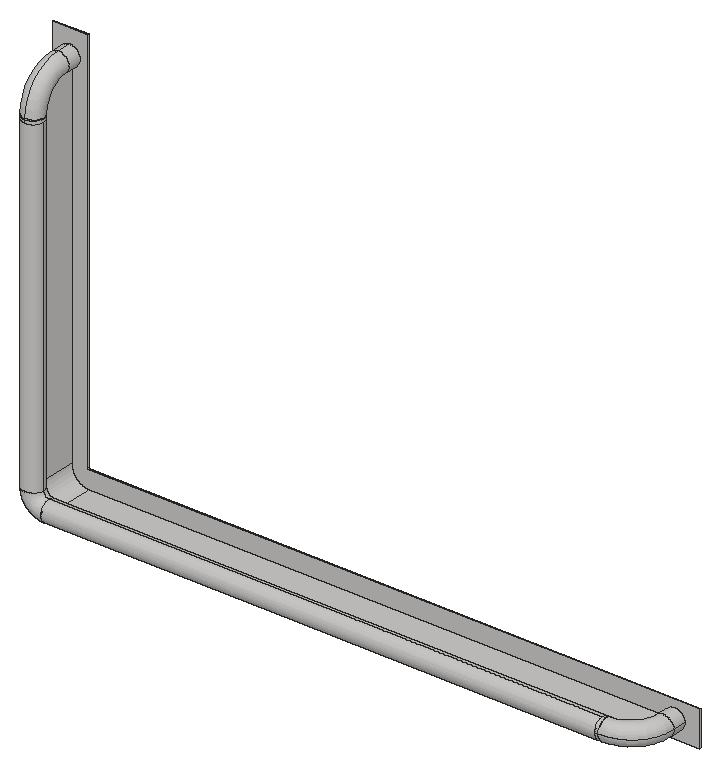
Revit family "Grab Rail_Metlam_90 Deg_Anti Ligature_Right", category Specialty Equipment, Revit 2016
Family settings
  Part Type = Normal
  Round Connector Dimension = Use Diameter
  OmniClass Number = 23.40.20.21.47
  OmniClass Title = Bath Grab Bars
  Work Plane-Based = No
  Always vertical = Yes
  Cut with Voids When Loaded = No
  Shared = No
  Room Calculation Point = Yes
Parameters (values of type "982w x 90d x 632d (MLR104_AL)")
  Width = 982 mm  # constant formula
  URL = "http://www.metlam.com.au/"
  Type Comments = "Grab Rails"  # constant formula
  Model = "MLR104_AL"
  Material_ANZRS = z_Metlam_Metal_Stainless Steel_Satin
  Manufacturer_Width = 950 mm  # constant formula
  Manufacturer_URL__Product Specific = "https://metlam.com.au/product/content/anti-ligature-products/MLR104_AL_"
  Manufacturer_Spec Code = Model  # "MLR104_AL"
  Manufacturer_Height From FFL [instance] = 800 mm
  Manufacturer_Height = 600 mm  # constant formula
  Manufacturer_Depth = Depth  # 90 mm
  Manufacturer = "Metlam"  # constant formula
  Keynote = ""
  Height = 632 mm  # constant formula
  Description = "90° Anti-Ligature Right Hand Grab Rail"  # constant formula
  Depth = 90 mm  # constant formula
  CreatedBy_ANZRS = "IGS BIM Solutions"  # constant formula
  CreatedByURL_ANZRS = "http://www.igsgroup.com.au/"
  Assembly Code = ""
Reference planes
  plane 1 "Back": y = 0
  plane 2 "Ref. Level": z = 0
  plane 3 "Horizontal Rail_Centre (Elevation)": z = 784
  plane 4 "Front": y = -90
  plane 5 "Vertical Rail_Centre (Elevation)": z = 1384
  plane 6 "Mounting Height": z = 800
  plane 7 "Right": x = -375
  plane 8 "Horizontal Rail_Bottom": z = 768
  plane 9 "Bottom": z = 756.5
  plane 10 "Vertical Rail_Top": z = 1400
  plane 11 "Top": z = 1423
  plane 12 "Horizontal Rail_ Centre (Left/Right)": x = -414
  plane 13 "Vertical Rail_Centre (Left/Right)": x = -1364
  plane 14 "Horizontal Rail_Right": x = -398
  plane 15 "Vertical Rail_Left": x = -1380
  plane 16 "Left": x = -1391.5
  plane 17 "Vertical Rail_Right": x = -1348
Forms (mm)
  Sweep 1, solid, material "z_Metlam_Metal_Stainless Steel_Satin" <- "Material_ANZRS"
    path origin (0, 0, 0) x (1, 0, 0) y (0, 0, 1)
      loop
        line (-469, 784) -> (-1339, 784)
        arc (-1339, 784) -> (-1356.678, 791.322) -> (-1364, 809) r 25
        line (-1364, 809) -> (-1364, 1327.713)
    profile origin (-904, 0, 784) x (0, 0, -1) y (0, -1, 0)
      loop
        circle (0, 74) r 16
  Sweep 2, solid, material "z_Metlam_Metal_Stainless Steel_Satin" <- "Material_ANZRS"
    path origin (0, 0, 784) x (-1, 0, 0) y (0, -1, 0)
      loop
        line (414, 0) -> (414, 24)
        arc (414, 24) -> (428.645, 59.355) -> (464, 74) r 50
        line (464, 74) -> (469, 74)
    profile origin (-466.5, -74, 784) x (0, -1, 0) y (0, 0, 1)
      loop
        circle (0, 0) r 16
  Sweep 3, solid, material "z_Metlam_Metal_Stainless Steel_Satin" <- "Material_ANZRS"
    path origin (-1364, 0, 0) x (0, 1, 0) y (0, 0, 1)
      loop
        line (0, 1384) -> (-24, 1384)
        arc (-24, 1384) -> (-59.355, 1369.355) -> (-74, 1334) r 50
        line (-74, 1334) -> (-74, 1332.713) -> (-74, 1327.713)
    profile origin (-1364, -12, 1384) x (0, 0, 1) y (-1, 0, 0)
      loop
        circle (0, 0) r 16
  Sweep 4, solid, material "z_Metlam_Metal_Stainless Steel_Satin" <- "Material_ANZRS"
    path origin (0, 0, 0) x (1, 0, 0) y (0, 0, 1)
      loop
        line (-375, 784) -> (-1334, 784)
        arc (-1334, 784) -> (-1355.213, 792.787) -> (-1364, 814) r 30
        line (-1364, 814) -> (-1364, 1423)
    profile origin (-854.5, 0, 784) x (0, 0, -1) y (0, -1, 0)
      loop
        line (-27.5, 0) -> (27.5, 0) -> (27.5, 2) -> (-27.5, 2) -> (-27.5, 0)
  Sweep 5, solid, material "z_Metlam_Metal_Stainless Steel_Satin" <- "Material_ANZRS"
    path origin (0, 0, 0) x (1, 0, 0) y (0, 0, 1)
      loop
        line (-414, 781.5) -> (-1334, 781.5)
        arc (-1334, 781.5) -> (-1355.213, 790.287) -> (-1364, 811.5) r 30
        line (-1364, 811.5) -> (-1364, 1384)
    profile origin (-874, 0, 781.5) x (0, 0, -1) y (0, -1, 0)
      loop
        line (-0.5, 2) -> (-0.5, 58.197) -> (-2.5, 58.197) -> (-2.5, 2) -> (-0.5, 2)
Cuts and joins
  joined: Sweep 1, Sweep 2, Sweep 3, Sweep 4
Lines and regions (mm)
  Masking region 1
    outline origin (-750, 0, 784) x (1, 0, 0) y (0, 1, 0)
      loop
        line (-630, -2) -> (-630, -74)
        arc (-630, -74) -> (-625.314, -85.314) -> (-614, -90) r 16
        line (-614, -90) -> (286, -90)
        arc (286, -90) -> (332.669, -70.669) -> (352, -24) r 66
        line (352, -24) -> (352, -2) -> (375, -2) -> (375, 0) -> (-641.5, 0) -> (-641.5, -2) -> (-630, -2)
  symbolic lines, style "Grab Rails"
    curve 1: arc (-414, -90, 768) -> (-398, -90, 784) -> (-414, -90, 800) r 16
    curve 2: arc (-1348, -90, 1384) -> (-1364, -90, 1400) -> (-1380, -90, 1384) r 16
  symbolic lines, style "Grab Rails", detail levels medium+fine
    curve 3: line (-1380.001, -2, 784) -> (-398, -2, 784)
    curve 4: line (-1348, -74, 784) -> (-1348, -2, 784)
    curve 5: arc (-1348, -74, 784) -> (-1352.686, -85.314, 784) -> (-1364, -90, 784) r 16
    curve 6: line (-1348, -58, 784) -> (-464, -58, 784)
    curve 7: arc (-464, -58, 784) -> (-439.958, -48.042, 784) -> (-430, -24, 784) r 34
    curve 8: line (-430, -24, 784) -> (-430, -2, 784)
  symbolic lines, style "Grab Rails", detail levels fine
    curve 9: line (-1336.5, -2, 784) -> (-1336.5, 0, 784)
Text (mm)
  text "> Contact Manufacturer to confirm feasibility of design variations outside the scope of this Revit Family\n\n\n\nDisclaimer:\n\nDue to ongoing product development and manufacturing evolution, product details are subject to change without notice. Please refer to product technical data sheets on the manufacturer’s website for the most current product information. Please allow a +/- 5mm manufacturing tolerance for dimensions and set-outs shown in product literature." at (-205.726, 276.941, 0), in view "Ref. Level_Instruction"
Dimensions and locks
  "Manufacturer_Height From FFL": plane 6 "Mounting Height" to plane 2 "Ref. Level"
  "Depth": plane 4 "Front" to plane 1 "Back"
  "Manufacturer_Height": plane 5 "Vertical Rail_Centre (Elevation)" to plane 3 "Horizontal Rail_Centre (Elevation)"
  "Height": plane 10 "Vertical Rail_Top" to plane 8 "Horizontal Rail_Bottom"
  locked: plane 8 "Horizontal Rail_Bottom" to plane 9 "Bottom" at 11.5
  locked: plane 3 "Horizontal Rail_Centre (Elevation)" to plane 8 "Horizontal Rail_Bottom" at 16
  locked: plane 6 "Mounting Height" to plane 3 "Horizontal Rail_Centre (Elevation)" at 16
  locked: plane 11 "Top" to plane 10 "Vertical Rail_Top" at 23
  locked: plane 15 "Vertical Rail_Left" to plane 16 "Left" at 11.5
  locked: plane 17 "Vertical Rail_Right" to plane 13 "Vertical Rail_Centre (Left/Right)" at 16
  locked: plane 14 "Horizontal Rail_Right" to plane 12 "Horizontal Rail_ Centre (Left/Right)" at 16
  "Manufacturer_Width": plane 13 "Vertical Rail_Centre (Left/Right)" to plane 12 "Horizontal Rail_ Centre (Left/Right)"
  "Width": plane 15 "Vertical Rail_Left" to plane 14 "Horizontal Rail_Right"
  locked: plane 14 "Horizontal Rail_Right" to plane 7 "Right" at 23
  plane 15 "Vertical Rail_Left" to plane 13 "Vertical Rail_Centre (Left/Right)" = 16 mm
  aligned and locked: level to plane 2 "Ref. Level"
Automatic sketch dimensions
  curve 3 to plane 14 "Horizontal Rail_Right" = 0 mm
  curve 9 to plane 1 "Back" = 0 mm
  curve 4 to plane 17 "Vertical Rail_Right" = 0 mm
  curve 5 to plane 13 "Vertical Rail_Centre (Left/Right)" = 0 mm
  plane 12 "Horizontal Rail_ Centre (Left/Right)" to curve 8 = 16 mm
  curve 8 to curve 7 = 34 mm
  plane 1 "Back" to curve 7 = 24 mm
  plane 4 "Front" to curve 5 = 16 mm
  plane 1 "Back" to curve 9 = 2 mm
  curve 9 to curve 4 = 11.5 mm
  plane 15 "Vertical Rail_Left" to curve 3 = 0.001 mm
  curve 1 to plane 8 "Horizontal Rail_Bottom" = 0 mm
  plane 12 "Horizontal Rail_ Centre (Left/Right)" to curve 1 = 0 mm
  curve 2 to plane 5 "Vertical Rail_Centre (Elevation)" = 0 mm
  plane 17 "Vertical Rail_Right" to curve 2 = 0 mm
  plane 13 "Vertical Rail_Centre (Left/Right)" to curve 2 = 0 mm
  curve 1 to plane 3 "Horizontal Rail_Centre (Elevation)" = 0 mm
  Sweep 1 sketch curve to profile plane = 0 mm
  profile plane to Sweep 1 sketch curve = 74 mm
  Sweep 2 sketch curve to profile plane = 0 mm  (x2)
  Sweep 3 sketch curve to plane 5 "Vertical Rail_Centre (Elevation)" = 0 mm
  Sweep 3 sketch curve to plane 1 "Back" = 0 mm
  Sweep 3 sketch curve to Sweep 3 sketch curve = 24 mm
  Sweep 3 sketch curve to plane 4 "Front" = 16 mm
  Sweep 3 sketch curve to Sweep 3 sketch curve = 1.287 mm
  Sweep 3 sketch curve to Sweep 3 sketch curve = 5 mm
  plane 13 "Vertical Rail_Centre (Left/Right)" to Sweep 3 sketch curve = 0 mm
  Sweep 3 sketch curve to profile plane = 0 mm
  Sweep 4 sketch curve to profile plane = 0 mm
  profile plane to Sweep 4 sketch curve = 2 mm
  profile plane to Sweep 4 sketch curve = 27.5 mm
  Sweep 4 sketch curve to profile plane = 27.5 mm
  profile plane to Sweep 5 sketch curve = 2.5 mm
  profile plane to Sweep 5 sketch curve = 0.5 mm
  profile plane to Sweep 5 sketch curve = 2 mm
  Sweep 5 sketch curve to Sweep 5 sketch curve = 56.197 mm
  Masking region 1 sketch curve to plane 16 "Left" = 0 mm
  Masking region 1 sketch curve to plane 15 "Vertical Rail_Left" = 0 mm
  Masking region 1 sketch curve to plane 13 "Vertical Rail_Centre (Left/Right)" = 0 mm
  Masking region 1 sketch curve to plane 14 "Horizontal Rail_Right" = 0 mm
  plane 1 "Back" to Masking region 1 sketch curve = 0 mm
  Masking region 1 sketch curve to plane 7 "Right" = 0 mm
  plane 1 "Back" to Masking region 1 sketch curve = 24 mm
  plane 12 "Horizontal Rail_ Centre (Left/Right)" to Masking region 1 sketch curve = 50 mm
  plane 1 "Back" to Masking region 1 sketch curve = 2 mm  (x2)
  plane 1 "Back" to Sweep 2 sketch curve = 0 mm
  Sweep 2 sketch curve to plane 12 "Horizontal Rail_ Centre (Left/Right)" = 0 mm
  plane 1 "Back" to Sweep 2 sketch curve = 24 mm
  plane 12 "Horizontal Rail_ Centre (Left/Right)" to Sweep 2 sketch curve = 50 mm
  Sweep 2 sketch curve to Sweep 2 sketch curve = 5 mm
  plane 13 "Vertical Rail_Centre (Left/Right)" to Sweep 1 sketch curve = 0 mm
  Sweep 1 sketch curve to plane 3 "Horizontal Rail_Centre (Elevation)" = 0 mm
  plane 6 "Mounting Height" to Sweep 1 sketch curve = 9 mm
  plane 12 "Horizontal Rail_ Centre (Left/Right)" to Sweep 1 sketch curve = 55 mm
  Sweep 1 sketch curve to plane 5 "Vertical Rail_Centre (Elevation)" = 56.287 mm
  Sweep 4 sketch curve to plane 11 "Top" = 0 mm
  plane 13 "Vertical Rail_Centre (Left/Right)" to Sweep 4 sketch curve = 0 mm
  Sweep 4 sketch curve to plane 3 "Horizontal Rail_Centre (Elevation)" = 0 mm
  Sweep 4 sketch curve to plane 7 "Right" = 0 mm
  plane 6 "Mounting Height" to Sweep 4 sketch curve = 14 mm
  Sweep 5 sketch curve to plane 5 "Vertical Rail_Centre (Elevation)" = 0 mm
  plane 13 "Vertical Rail_Centre (Left/Right)" to Sweep 5 sketch curve = 0 mm
  plane 12 "Horizontal Rail_ Centre (Left/Right)" to Sweep 5 sketch curve = 0 mm
  Sweep 5 sketch curve to plane 17 "Vertical Rail_Right" = 14 mm
  plane 6 "Mounting Height" to Sweep 5 sketch curve = 11.5 mm
  radius of Sweep 1 sketch curve = 16 mm
  radius of Sweep 2 sketch curve = 16 mm
  radius of Sweep 3 sketch curve = 16 mm
